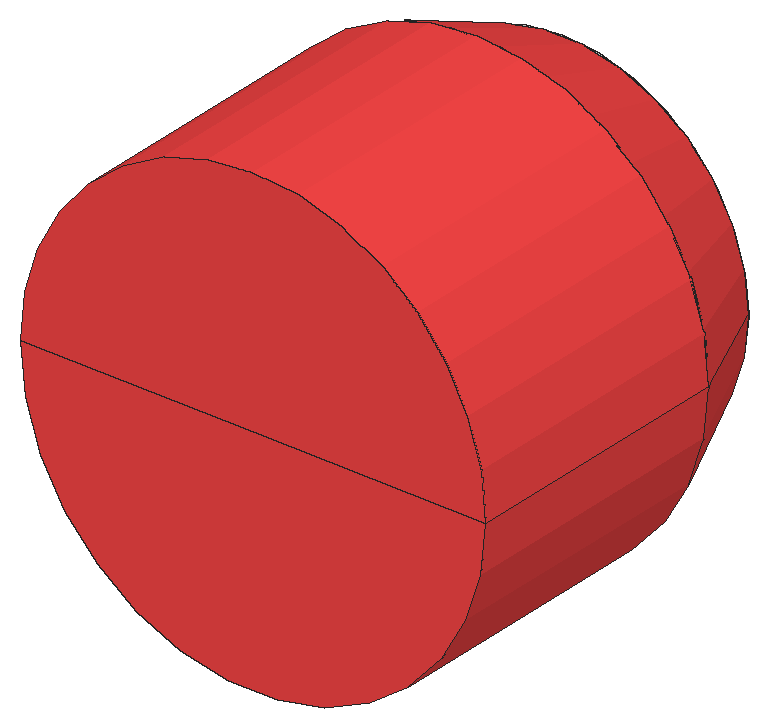
Revit family "CWSS-RR-S4 ENScape optisk-akustisk signalgiver rød_Vegg", category Fire Alarm Devices, Revit 2016
Family settings
  Maintain Annotation Orientation = Yes
  Part Type = Normal
  Round Connector Dimension = Use Diameter
  OmniClass Number = 23.85.30.21.11.17
  OmniClass Title = Other Components
  Work Plane-Based = No
  Always vertical = No
  Cut with Voids When Loaded = No
  Shared = No
  Room Calculation Point = No
Parameters (values of type "Optisk signalgiver")
  Type Comments = "-XH"
  Reference Line Out [instance] = 45.00 mm
  NS8360 = "5423_XN2"
  Manufacturer = "Honeywell"
  Keynote = "XN2"
  CQ Symbol Positive Direction [instance] = yes
  CQ Symbol Offset Side [instance] = 0.00 mm
  CQ Symbol Offset Out [instance] = 0.00 mm
  CQ Material = Plastic - Red
  CQ Length B = 98.00 mm
  CQ Length A = 100.00 mm
  Assembly Code = "5423"
Reference planes
  plane 1 "Center (Front/Back)": y = 0
  plane 2: z = 0
  plane 3 "Center (Left/Right)": x = 0
  plane 4: x = -50
  plane 5: x = 50
  plane 6: y = 98
  plane 7: y = 83
Forms (mm)
  Revolve 1, solid, material "Plastic - Red" <- "CQ Material"
    sketch origin (0, 0, 0) x (1, 0, 0) y (0, -1, 0)
      loop
        line (0, 0) -> (0, -83) -> (40, -83) -> (50, -60) -> (50, 0) -> (0, 0)
      axis (0, -83) -> (0, 0)
    angle from 0 to 360
  Revolve 2, solid, material "Plastic White Transparent"
    sketch origin (0, 0, 0) x (1, 0, 0) y (0, 1, 0)
      loop
        line (0, 83) -> (40, 83)
        arc (40, 83) -> (21.893, 94.121) -> (1, 98) r 58.2
        line (1, 98) -> (0, 98) -> (0, 83)
      axis (0, 98) -> (0, 83)
    angle from 0 to 360
Lines and regions (mm)
  model lines, style "InvisibleLines"
    curve 1: line (0, 0, 0) -> (0, 45, 0)
Dimensions and locks
  "Reference Line Out": plane 1 "Center (Front/Back)" to curve 1
  "CQ Length B": plane 6 to plane 1 "Center (Front/Back)"
  plane 6 to plane 7 = 15.00 mm
  equal spacing: plane 4, plane 3 "Center (Left/Right)", plane 5
  "CQ Length A": plane 4 to plane 5
  aligned and locked: level to plane 2
  aligned and locked: curve 1 to plane 3 "Center (Left/Right)"
  aligned and locked: plane 1 "Center (Front/Back)" to curve 1
  aligned and locked: curve 1 to plane 2
  aligned and locked: plane 1 "Center (Front/Back)" to Revolve 1 sketch curve
  aligned and locked: plane 3 "Center (Left/Right)" to nested 1
  aligned and locked: plane 1 "Center (Front/Back)" to nested 1
  aligned and locked: Revolve 1 sketch curve to plane 7
  aligned and locked: Revolve 1 sketch curve to plane 3 "Center (Left/Right)"
  aligned and locked: nested 1 to Revolve 2 sketch curve
  aligned and locked: Revolve 2 sketch curve to plane 7
  aligned and locked: Revolve 2 sketch curve to plane 6
Automatic sketch dimensions
  Revolve 1 sketch curve to plane 3 "Center (Left/Right)" = 0.00 mm
  Revolve 1 sketch curve to plane 5 = 0.00 mm
  plane 5 to Revolve 1 sketch curve = 10.00 mm
  plane 7 to Revolve 1 sketch curve = 23.00 mm
  Revolve 1 sketch curve to plane 6 = 15.00 mm
  Revolve 1 sketch curve to Revolve 1 sketch curve = 38.00 mm
  Revolve 2 sketch curve to plane 3 "Center (Left/Right)" = 0.00 mm
  plane 3 "Center (Left/Right)" to Revolve 2 sketch curve = 1.00 mm
  Revolve 2 sketch curve to plane 1 "Center (Front/Back)" = 39.80 mm
  Revolve 2 sketch curve to plane 6 = 3.38 mm
  Revolve 2 sketch curve to Revolve 2 sketch curve = 20.00 mm
Nested families
  nested 1: "Optisk alarmapparat" at (0, 0, 0), type "Type 1"
Connectors
  electrical at (0, 0, 0)
    settings: index 1, voltage 0 V, apparent load 0 VA, apparent load phase1 0 VA, apparent load phase2 0 VA, apparent load phase3 0 VA, power factor 1, load classification "Other", number of poles 1, system type 11, power factor state 1, is connector primary yes, connector utility no, sub classification motor no, connector description ""
Definition of nested family "Optisk alarmapparat"
  Parameters
    CQ Symbol Positive Direction = yes
    CQ Symbol Negative Direction = not(CQ Symbol Positive Direction)  # no
    CQ Symbol Offset Side = 0.00 mm
    CQ Symbol Offset Out = 1.00 mm
  Reference planes
    plane 1: y = 0
    plane 2: x = 0
  Dimensions and locks
    "CQ Symbol Offset Out": plane 1 to nested 2
    "CQ Symbol Offset Out": plane 1 to nested 1
    "CQ Symbol Offset Side": plane 2 to nested 1
    "CQ Symbol Offset Side": nested 2 to plane 2
  Nested families
    nested 1: "Optisk AlarmapparatSub" at (0, 1, 0), visible <- "CQ Symbol Positive Direction", type "Type 1"
    nested 2: "Optisk AlarmapparatSub" at (0, 1, 0), visible <- "CQ Symbol Negative Direction", type "Type 1"
  Definition of nested family "Optisk AlarmapparatSub"
    Reference planes
      plane 1: y = 0
      plane 2: x = 0
    Lines and regions (mm)
      detail lines
        curve 1: circle (0, 2.5, 0) r 2.5 normal (0, 0, 1)
        curve 2: line (-1.768, 4.268, 0) -> (1.768, 0.732, 0)
        curve 3: line (-1.768, 0.732, 0) -> (1.768, 4.268, 0)
        curve 4: line (-0.001, 5.5, 0) -> (4.748, 5.5, 0)
    Text (mm)
      text "PL" at (1.733, 7.087, 0)
